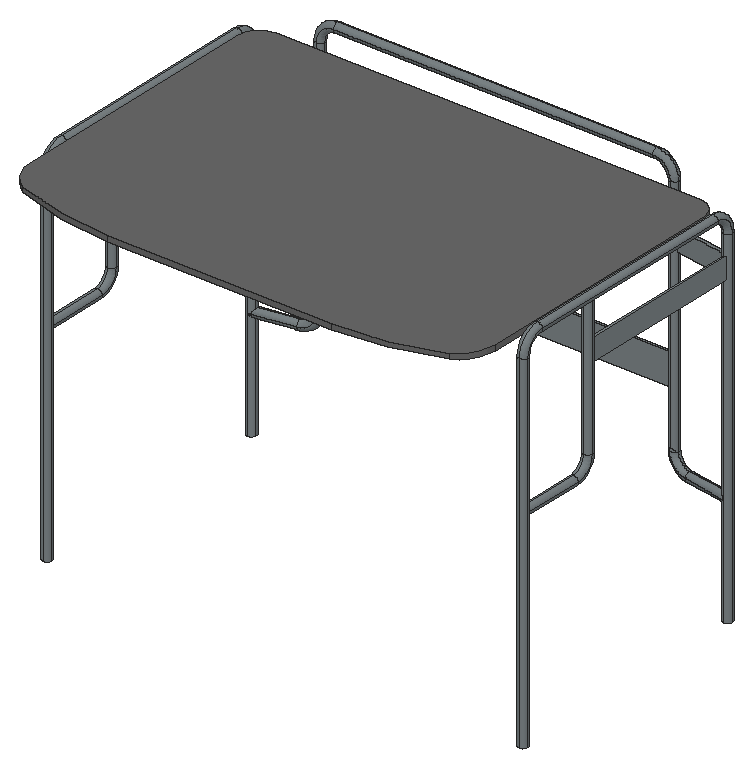
Revit family "FU_Table_Sandler_REUNION 1270", category Furniture, Revit 2020
Family settings
  OmniClass Number = 23.21.23.15.17
  Work Plane-Based = Yes
  Always vertical = No
  Cut with Voids When Loaded = No
  Shared = No
  Room Calculation Point = No
Parameters (values of type "REUNION 1270")
  Youtube clip = ""
  Width = 940.000 mm
  Uniformat II Description = "Movable Furnishings"
  Uniformat II Code = ""
  Uniclass 2015 Name = ""
  Uniclass 2015 Code = ""
  Uniclass 2.0 Description = ""
  Uniclass 2.0 Code = ""
  Uniclass 1.4 Description = ""
  Uniclass 1.4 Code = ""
  UNSPSC Code = ""
  Top Material = FENIX - Black
  Technical description = ""
  Height = 760.000 mm
  Frame Material = Metal - Paint -AL VR - Anthracite Grey
  Region South America = "All"
  Region Oceania = "All"
  Region North America = "All"
  Region Middle East = "All"
  Region Europe = "All"
  Region Asia = "All"
  Region Antarctica = "All"
  Region Africa = "All"
  QR code = "https://www.sandlerseating.com/product/reunion-1270/"
  Product url = "https://www.sandlerseating.com/product/reunion-1270/"
  Product name = "REUNION 1270"
  Product group = "Table"
  Product family = "Furniture"
  Product data url = "https://www.sandlerseating.com/product/reunion-1270/"
  Product certification = ""
  Product SKU = "??"
  Product Guid = "??"
  OmniClass Description = ""
  OmniClass Code = "23-21 23 15 17"
  NBS Reference Description = ""
  NBS Reference Code = ""
  Model = "REUNION 1270"
  Masterformat 2014 Description = "Table Mats"
  Masterformat 2014 Code = "12 48 43.13"
  Manufacturer name = "Sandler"
  Manufacturer country = "USA"
  Manufacturer = "Sandler"
  Installation instructions = ""
  IFC Classification = "Furnishing Element"
  GTIN code = ""
  Edition number = 1
  Design country = "Brasil"
  Description = "Table"
  Depth = 680.000 mm
  Default Elevation = 0.000 mm
  Date of publishing = ""
  COBIe Type Category = ""
  Brand url = "https://www.sandlerseating.com/"
  BIMobject main category code = "furniture"
  BIMobject main category = "Furniture"
  BIMobject category code = "furniture-table"
  BIMobject category = "Table"
Reference planes
  plane 1 "Center Front/Back": y = 0
  plane 2: z = 0
  plane 3 "Center Left/Right": x = 0
  plane 4: z = 1155
  plane 5 "Height": z = 760
  plane 6 "Top Height": z = 710
  plane 7 "Back": y = 340
  plane 8 "Front": y = -340
  plane 9 "Right": x = -470
  plane 10 "Left": x = 470
  plane 11 "Left Leg C TOP": x = 461
  plane 12 "Right Leg C TOP": x = -461
  plane 13 "Back Frame C TOP": y = 331
  plane 14 "Back Leg C RIGHT": y = 312.674
  plane 15 "Front Leg C RIGHT": y = -182.326
  plane 16 "Back Frame CL": x = 342.905
  plane 17 "Left Back Angle TOP": through (342.905, 331, 1219.2) normal (0.1533, 0.9882, 0)
  plane 18 "Back Frame CR": x = -342.905
Forms (mm)
  Sweep 1, solid, material "Metal - Paint -AL VR - Anthracite Grey" <- "Frame Material"
    path origin (461, 0, 0) x (0, -1, 0) y (0, 0, 1)
      loop
        line (182.326, 0) -> (182.326, 675)
        arc (182.326, 675) -> (172.075, 699.749) -> (147.326, 710) r 35
        line (147.326, 710) -> (-277.674, 710)
        arc (-277.674, 710) -> (-302.423, 699.749) -> (-312.674, 675) r 35
        line (-312.674, 675) -> (-312.674, 0)
    profile "Pro_Circles : 18mm" origin (461, -182.326, 337.5) x (0, 1, 0) y (-1, 0, 0)
      loop
        arc (-8.967, 0.067) -> (-6.408, -6.313) -> (-0.067, -8.967) r 8.901
        arc (-0.067, -8.967) -> (6.361, -6.361) -> (8.967, 0.067) r 8.901
        arc (8.967, 0.067) -> (6.313, 6.407) -> (-0.067, 8.967) r 8.901
        arc (-0.067, 8.967) -> (-6.36, 6.36) -> (-8.967, 0.067) r 8.9
  Sweep 2, solid, material "Metal - Paint -AL VR - Anthracite Grey" <- "Frame Material"
    path origin (461, 18.181, -131.809) x (0, -1, 0) y (0, 0, 1)
      loop
        line (200, 537.806) -> (79.164, 537.806)
        arc (79.164, 537.806) -> (54.415, 548.057) -> (44.164, 572.806) r 35
        line (44.164, 572.806) -> (44.164, 841.809)
    profile "Pro_Circles : 18mm" origin (461, -121.401, 405.997) x (0, 0, -1) y (-1, 0, 0)
      loop
        arc (-8.967, 0.067) -> (-6.408, -6.313) -> (-0.067, -8.967) r 8.901
        arc (-0.067, -8.967) -> (6.361, -6.361) -> (8.967, 0.067) r 8.901
        arc (8.967, 0.067) -> (6.313, 6.407) -> (-0.067, 8.967) r 8.901
        arc (-0.067, 8.967) -> (-6.36, 6.36) -> (-8.967, 0.067) r 8.9
  Sweep 3, solid, material "Metal - Paint -AL VR - Anthracite Grey" <- "Frame Material"
    path origin (0, 331, 0) x (-1, 0, 0) y (0, 0, 1)
      loop
        line (-342.971, 246.987) -> (-342.971, 716.005)
        arc (-342.971, 716.005) -> (-333.013, 740.046) -> (-308.971, 750.005) r 34
        line (-308.971, 750.005) -> (308.971, 750.005)
        arc (308.971, 750.005) -> (333.013, 740.046) -> (342.971, 716.005) r 34
        line (342.971, 716.005) -> (342.971, 246.987)
    profile "Pro_Circles : 18mm" origin (342.971, 331, 481.496) x (1, 0, 0) y (0, 1, 0)
      loop
        arc (-8.967, 0.067) -> (-6.408, -6.313) -> (-0.067, -8.967) r 8.901
        arc (-0.067, -8.967) -> (6.361, -6.361) -> (8.967, 0.067) r 8.901
        arc (8.967, 0.067) -> (6.313, 6.407) -> (-0.067, 8.967) r 8.901
        arc (-0.067, 8.967) -> (-6.36, 6.36) -> (-8.967, 0.067) r 8.9
  Extrusion 4, solid, material "Metal - Paint -AL VR - Anthracite Grey" <- "Frame Material"
    sketch origin (0, 331, 0) x (-1, 0, 0) y (0, 0, 1)
      loop
        line (342.668, 354.835) -> (342.668, 414.836) -> (-342.905, 414.836) -> (-342.905, 354.835) -> (342.668, 354.835)
    from 2.5 to -2.5
  Extrusion 5, solid, material "FENIX - Black" <- "Top Material"
    sketch origin (0, 0, 710) x (-1, 0, 0) y (0, -1, 0)
      loop
        line (450, -266.707) -> (450, 235.558)
        arc (450, 235.558) -> (440.027, 272.991) -> (412.751, 300.5) r 75.236
        arc (412.751, 300.5) -> (316.642, 330.027) -> (216.595, 340) r 506.802
        line (216.595, 340) -> (-216.595, 340)
        arc (-216.595, 340) -> (-316.642, 330.027) -> (-412.751, 300.5) r 506.802
        arc (-412.751, 300.5) -> (-440.027, 272.991) -> (-450, 235.558) r 75.236
        line (-450, 235.558) -> (-450, -266.707)
        arc (-450, -266.707) -> (-438.284, -294.991) -> (-410, -306.707) r 40
        line (-410, -306.707) -> (410, -306.707)
        arc (410, -306.707) -> (438.284, -294.991) -> (450, -266.707) r 40
    from 5 to -5
  Sweep 6, solid, material "Metal - Paint -AL VR - Anthracite Grey" <- "Frame Material"
    path origin (58.22, 375.177, 0) x (-0.988173, 0.153345, 0) y (0, 0, 1)
      loop
        line (-407.599, 212.987) -> (-323.095, 212.987)
        arc (-323.095, 212.987) -> (-298.347, 223.238) -> (-288.095, 247.987) r 35
        line (-288.095, 247.987) -> (-288.095, 251.987)
    profile "Pro_Circles : 18mm" origin (342.908, 331, 249.987) x (0.988173, -0.153345, 0) y (0.153345, 0.988173, 0)
      loop
        arc (-8.967, 0.067) -> (-6.408, -6.313) -> (-0.067, -8.967) r 8.901
        arc (-0.067, -8.967) -> (6.361, -6.361) -> (8.967, 0.067) r 8.901
        arc (8.967, 0.067) -> (6.313, 6.407) -> (-0.067, 8.967) r 8.901
        arc (-0.067, 8.967) -> (-6.36, 6.36) -> (-8.967, 0.067) r 8.9
  Extrusion 7, solid, material "Metal - Paint -AL VR - Anthracite Grey" <- "Frame Material"
    sketch origin (0, 0, 710) x (-1, 0, 0) y (0, -1, 0)
      loop
        line (-343.274, -333.379) -> (-343.274, -328.379) -> (-458.5, -310.498) -> (-458.5, 25.097) -> (-463.5, 25.097) -> (-463.5, -314.722) -> (-343.274, -333.379)
    from -115.208 to -75.208
  Sweep 8, solid, material "Metal - Paint -AL VR - Anthracite Grey" <- "Frame Material"
    path origin (-461, 0, 0) x (0, -1, 0) y (0, 0, -1)
      loop
        line (182.326, 0) -> (182.326, -675)
        arc (182.326, -675) -> (172.075, -699.749) -> (147.326, -710) r 35
        line (147.326, -710) -> (-277.674, -710)
        arc (-277.674, -710) -> (-302.423, -699.749) -> (-312.674, -675) r 35
        line (-312.674, -675) -> (-312.674, 0)
    profile "Pro_Circles : 18mm" origin (-461, 312.674, 337.5) x (0, -1, 0) y (1, 0, 0)
      loop
        arc (8.967, 0.067) -> (6.36, 6.36) -> (0.067, 8.967) r 8.9
        arc (0.067, 8.967) -> (-6.313, 6.407) -> (-8.967, 0.067) r 8.901
        arc (-8.967, 0.067) -> (-6.361, -6.361) -> (0.067, -8.967) r 8.901
        arc (0.067, -8.967) -> (6.408, -6.313) -> (8.967, 0.067) r 8.901
  Sweep 9, solid, material "Metal - Paint -AL VR - Anthracite Grey" <- "Frame Material"
    path origin (-461, 18.181, -131.809) x (0, -1, 0) y (0, 0, -1)
      loop
        line (200, -537.806) -> (79.164, -537.806)
        arc (79.164, -537.806) -> (54.415, -548.057) -> (44.164, -572.806) r 35
        line (44.164, -572.806) -> (44.164, -841.809)
    profile "Pro_Circles : 18mm" origin (-461, -121.401, 405.997) x (0, 0, 1) y (1, 0, 0)
      loop
        arc (8.967, 0.067) -> (6.36, 6.36) -> (0.067, 8.967) r 8.9
        arc (0.067, 8.967) -> (-6.313, 6.407) -> (-8.967, 0.067) r 8.901
        arc (-8.967, 0.067) -> (-6.361, -6.361) -> (0.067, -8.967) r 8.901
        arc (0.067, -8.967) -> (6.408, -6.313) -> (8.967, 0.067) r 8.901
  Sweep 10, solid, material "Metal - Paint -AL VR - Anthracite Grey" <- "Frame Material"
    path origin (-58.22, 375.177, 0) x (0.988173, 0.153345, 0) y (0, 0, -1)
      loop
        line (-407.537, -212.987) -> (-323.095, -212.987)
        arc (-323.095, -212.987) -> (-298.347, -223.238) -> (-288.095, -247.987) r 35
        line (-288.095, -247.987) -> (-288.095, -251.987)
    profile "Pro_Circles : 18mm" origin (-342.908, 331, 249.987) x (0.988173, 0.153345, 0) y (-0.153345, 0.988173, 0)
      loop
        arc (8.967, 0.067) -> (6.36, 6.36) -> (0.067, 8.967) r 8.9
        arc (0.067, 8.967) -> (-6.313, 6.407) -> (-8.967, 0.067) r 8.901
        arc (-8.967, 0.067) -> (-6.361, -6.361) -> (0.067, -8.967) r 8.901
        arc (0.067, -8.967) -> (6.408, -6.313) -> (8.967, 0.067) r 8.901
  Extrusion 11, solid, material "Metal - Paint -AL VR - Anthracite Grey" <- "Frame Material"
    sketch origin (0, 0, 710) x (1, 0, 0) y (0, 1, 0)
      loop
        line (-343.274, 333.379) -> (-463.5, 314.722) -> (-463.5, -25.097) -> (-458.5, -25.097) -> (-458.5, 310.498) -> (-343.274, 328.379) -> (-343.274, 333.379)
    from -115.208 to -75.208
Dimensions and locks
  "Height": plane 5 "Height" to level
  "Depth": plane 7 "Back" to plane 8 "Front"
  equal spacing: plane 9 "Right", plane 3 "Center Left/Right", plane 10 "Left"
  "Width": plane 9 "Right" to plane 10 "Left"
  plane 9 "Right" to plane 12 "Right Leg C TOP" to plane 18 "Back Frame CR" = 9.000 mm locked, 118.095 mm locked
  plane 16 "Back Frame CL" to plane 11 "Left Leg C TOP" to plane 10 "Left" = 118.095 mm locked, 9.000 mm locked
  aligned and locked: level to plane 2
Automatic sketch dimensions
  Sweep 1 sketch curve to level = 0.000 mm  (x2)
  Sweep 1 sketch curve to plane 14 "Back Leg C RIGHT" = 0.000 mm
  Sweep 1 sketch curve to plane 6 "Top Height" = 0.000 mm
  Sweep 1 sketch curve to plane 15 "Front Leg C RIGHT" = 0.000 mm
  Sweep 1 sketch curve to Sweep 1 sketch curve = 35.000 mm  (x2)
  Sweep 2 sketch curve to plane 6 "Top Height" = 0.000 mm
  plane 1 "Center Front/Back" to Sweep 2 sketch curve = 25.983 mm
  Sweep 2 sketch curve to Sweep 2 sketch curve = 35.000 mm
  Sweep 2 sketch curve to Sweep 2 sketch curve = 269.003 mm
  plane 15 "Front Leg C RIGHT" to Sweep 2 sketch curve = 0.507 mm
  plane 16 "Back Frame CL" to Sweep 3 sketch curve = 0.067 mm
  plane 6 "Top Height" to Sweep 3 sketch curve = 6.005 mm  (x2)
  Sweep 3 sketch curve to plane 16 "Back Frame CL" = 33.933 mm
  plane 12 "Right Leg C TOP" to Sweep 3 sketch curve = 152.029 mm
  level to Sweep 3 sketch curve = 246.987 mm  (x2)
  plane 16 "Back Frame CL" to Extrusion 4 sketch curve = 0.000 mm
  plane 12 "Right Leg C TOP" to Extrusion 4 sketch curve = 118.332 mm
  level to Extrusion 4 sketch curve = 354.835 mm
  Extrusion 4 sketch curve to Extrusion 4 sketch curve = 60.000 mm
  Extrusion 5 sketch curve to plane 8 "Front" = 0.000 mm
  plane 11 "Left Leg C TOP" to Extrusion 5 sketch curve = 11.000 mm
  Extrusion 5 sketch curve to Extrusion 5 sketch curve = 40.000 mm
  plane 16 "Back Frame CL" to Extrusion 5 sketch curve = 31.859 mm
  Extrusion 5 sketch curve to plane 16 "Back Frame CL" = 126.310 mm
  Extrusion 5 sketch curve to plane 3 "Center Left/Right" = 216.595 mm
  plane 12 "Right Leg C TOP" to Extrusion 5 sketch curve = 86.236 mm
  plane 12 "Right Leg C TOP" to Extrusion 5 sketch curve = 51.000 mm
  plane 12 "Right Leg C TOP" to Extrusion 5 sketch curve = 11.000 mm
  Extrusion 5 sketch curve to Extrusion 5 sketch curve = 104.442 mm
  plane 1 "Center Front/Back" to Extrusion 5 sketch curve = 235.558 mm
  Extrusion 5 sketch curve to plane 14 "Back Leg C RIGHT" = 145.872 mm  (x2)
  Extrusion 5 sketch curve to plane 14 "Back Leg C RIGHT" = 45.967 mm
  level to Sweep 6 sketch curve = 212.987 mm
  Sweep 6 sketch curve to Sweep 6 sketch curve = 35.000 mm
  Sweep 6 sketch curve to Sweep 6 sketch curve = 84.504 mm
  Sweep 6 sketch curve to Sweep 6 sketch curve = 4.000 mm
  Extrusion 7 sketch curve to plane 11 "Left Leg C TOP" = 2.500 mm
  plane 11 "Left Leg C TOP" to Extrusion 7 sketch curve = 2.500 mm
  plane 16 "Back Frame CL" to Extrusion 7 sketch curve = 0.369 mm
  plane 13 "Back Frame C TOP" to Extrusion 7 sketch curve = 2.379 mm
  Extrusion 7 sketch curve to plane 13 "Back Frame C TOP" = 2.621 mm
  plane 14 "Back Leg C RIGHT" to Extrusion 7 sketch curve = 2.048 mm
  Extrusion 7 sketch curve to plane 14 "Back Leg C RIGHT" = 2.176 mm
  plane 1 "Center Front/Back" to Extrusion 7 sketch curve = 25.097 mm
  Sweep 8 sketch curve to level = 0.000 mm  (x2)
  Sweep 8 sketch curve to plane 14 "Back Leg C RIGHT" = 0.000 mm
  Sweep 8 sketch curve to plane 6 "Top Height" = 0.000 mm
  Sweep 8 sketch curve to plane 15 "Front Leg C RIGHT" = 0.000 mm
  Sweep 8 sketch curve to Sweep 8 sketch curve = 35.000 mm  (x2)
  Sweep 9 sketch curve to plane 6 "Top Height" = 0.000 mm
  plane 1 "Center Front/Back" to Sweep 9 sketch curve = 25.983 mm
  Sweep 9 sketch curve to Sweep 9 sketch curve = 35.000 mm
  Sweep 9 sketch curve to Sweep 9 sketch curve = 269.003 mm
  plane 15 "Front Leg C RIGHT" to Sweep 9 sketch curve = 0.507 mm
  level to Sweep 10 sketch curve = 212.987 mm
  Sweep 10 sketch curve to Sweep 10 sketch curve = 35.000 mm
  Sweep 10 sketch curve to Sweep 10 sketch curve = 84.442 mm
  Sweep 10 sketch curve to Sweep 10 sketch curve = 4.000 mm
  plane 12 "Right Leg C TOP" to Extrusion 11 sketch curve = 2.500 mm
  Extrusion 11 sketch curve to plane 12 "Right Leg C TOP" = 2.500 mm
  plane 13 "Back Frame C TOP" to Extrusion 11 sketch curve = 2.621 mm
  Extrusion 11 sketch curve to Extrusion 11 sketch curve = 115.226 mm
  Extrusion 11 sketch curve to plane 13 "Back Frame C TOP" = 2.379 mm
  Extrusion 11 sketch curve to plane 14 "Back Leg C RIGHT" = 2.048 mm
  plane 14 "Back Leg C RIGHT" to Extrusion 11 sketch curve = 2.176 mm
  Extrusion 11 sketch curve to plane 1 "Center Front/Back" = 25.097 mm
